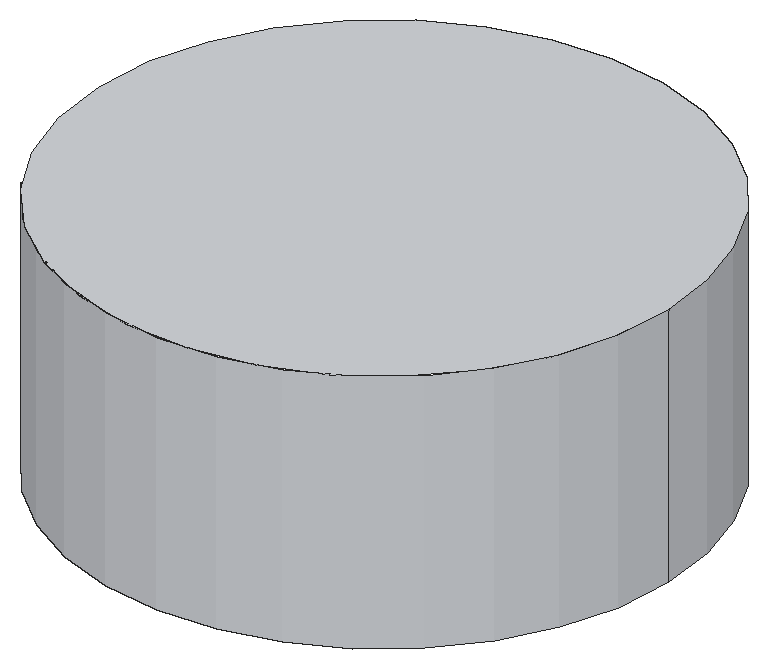
Revit family "1290_ TUPEX ELECTRIC_BRSB", category Lighting Fixtures, host Face, Revit 2018
Family settings
  Host = Face
  Round Connector Dimension = Use Diameter
  Part Type = Normal
  Cut with Voids When Loaded = No
  Light Source = Yes
  Shared = No
  Room Calculation Point = Yes
Parameters
  Wattage = 14 W
  built-in parameter 1150110 = 1 (stored number, unit not read)
  VOLTS = 220 V
  built-in parameter 1114217 = 1 (stored number, unit not read)
  Tilt Angle = 90.00°
  built-in parameter 1150109 = 1 (stored number, unit not read)
  built-in parameter 1150134 = 3
  built-in parameter 1150113 = 1 (stored number, unit not read)
  Photometric Web File = "1291.IES"
  built-in parameter 1150105 = 122.55 (stored number, unit not read)
  Lumens = 1540 lm
  built-in parameter 1150115 = 1 (stored number, unit not read)
  built-in parameter 1150137 = (empty or 0)
  built-in parameter 1150139 = (empty or 0)
  built-in parameter 1150112 = 1 (stored number, unit not read)
  built-in parameter 1150114 = 1 (stored number, unit not read)
  built-in parameter 1150132 = (empty or 0)
  built-in parameter 1150102 = (empty or 0)
  built-in parameter 1150107 = 3200 (stored number, unit not read)
  built-in parameter 1150138 = (empty or 0)
  built-in parameter 1150106 = 1.2255 (stored number, unit not read)
  Emit from Circle Diameter = 609.6 mm
  Emit Shape Visible in Rendering = no
  built-in parameter 1150104 = 10.219 (stored number, unit not read)
  Dimming Lamp Color Temperature Shift = (empty or 0)
  Default Elevation = 1219.2 mm
  Color Filter = 16777215
  built-in parameter 1114218 = 1 (stored number, unit not read)
  built-in parameter 1150133 = 10 (stored number, unit not read)
  Apparent Load = 30 VA
Reference planes
  plane 1 "Center (Front/Back)": y = 0
  plane 2: z = 0
  plane 3 "Center (Left/Right)": x = 0
Forms (mm)
  Extrusion 1, solid
    sketch origin (0, 0, 0) x (1, 0, 0) y (0, 1, 0)
      loop
        circle (0, 0) r 187.5
    from -216 to -54.983
Lines and regions (mm)
  reference lines
    curve 1: circle (0, 0, 0) r 187.5 normal (0, 0, 1)
    curve 2: line (-1160.227, 0, 0) -> (1659.773, 0, 0)
    curve 3: line (1659.773, 0, -108) -> (-1534.635, 0, -108)
    curve 4: line (305.365, 0, -108) -> (1125.365, 0, -108)
    curve 5: line (1659.773, 0, -216) -> (-1534.635, 0, -216)
Dimensions and locks
  aligned and locked: plane 2 to host face
  aligned and locked: level to host face
Connectors
  electrical at (0, 0, -54.983), driven by "VOLTS", driven by "Apparent Load"
    settings: on Extrusion 1, index 1, voltage 220 V, apparent load 0 VA, apparent load phase1 30 VA, apparent load phase2 0 VA, apparent load phase3 0 VA, power factor 1, load classification "Other", number of poles 1, system type 31, power factor state 1, is connector primary yes, connector utility no, sub classification motor no, connector description ""
